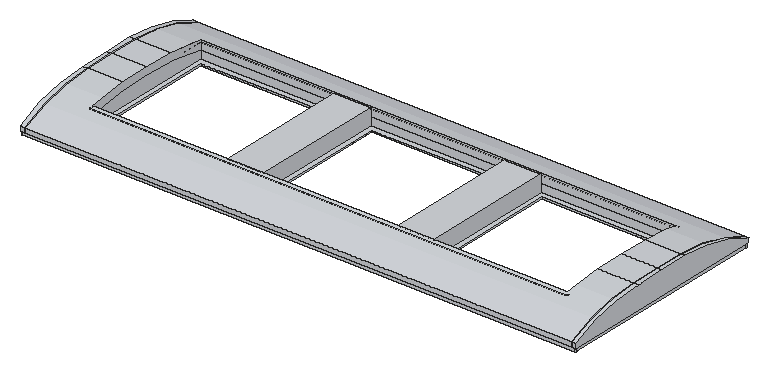
Revit family "Gira_0213778", category Electrical Fixtures, host Face, Revit 2017
Family settings
  Host = Face
  Maintain Annotation Orientation = No
  Round Connector Dimension = Use Diameter
  Part Type = Normal
  Cut with Voids When Loaded = No
  Shared = No
  Room Calculation Point = No
Parameters (values of type "Abdeckrahmen 3f Zwischenr. AN Gira Event Klar Sand")
  Werkstoffgüte = "Thermoplast"
  Werkstoff = "Kunststoff"
  URL = "http://katalog.gira.de/de_DE/datenblatt.html?artikelnr=0213778"
  Transparent = "No"
  Textfeld/Beschriftungsfläche = "No"
  Schutzart (IP) = "IP20"
  Region = "DE"
  Oberfläche = "sonstige"
  Name = "Abdeckrahmen 3f Zwischenr. AN Gira Event Klar Sand"
  Montagerichtung = "horizontal und vertikal"
  Mit Montagerahmen = "No"
  Mit Klappdeckel = "No"
  Manufacturer URL = "https://www.gira.de/"
  Keynote = "Event_Rahmen_3fach"
  HeinzeBIM = "https://bimportal.heinze.de/bim/abdeckrahmen-3f-zwischenr-an-gira-event-klar-sand/d3de0167205d52bb6ff7e7672f93d404f199d0d8"
  Halogenfrei = "Yes"
  HAN = "0213778"
  Geeignet für Unterputz-Installation = "Yes"
  Geeignet für Unterflurkanaldose = "No"
  Geeignet für Geräteeinbaukanal = "No"
  Geeignet für Einbauinstallation = "No"
  GTIN = "4010337069935"
  Farbe = "sonstige"
  Default Elevation = 1219.2 mm
  Data sheet (1) = "https://katalog.gira.de/de_DE/download.html?artikelnr=0213778"
  Category = "Abdeckrahmen"
  Befestigungsart = "Klemmbefestigung"
  Available = "Yes"
  Ausführung der Oberfläche = "glänzend"
  Anzahl der Einheiten vertikal = "3 "
  Anzahl der Einheiten horizontal = "3 "
  Anzahl der Einheiten = "3 "
Reference planes
  plane 1 "Center (Front/Back)": y = 0
  plane 2: z = 0
  plane 3 "Center (Left/Right)": x = 0
Forms (mm)
  Extrusion 1, solid, detail levels fine
    sketch origin (0, 0, 0.05) x (0, 1, 0) y (0, 0, 1)
      loop
        arc (12.445, 9.683) -> (6.223, 9.833) -> (0, 9.85) r 291.636
        arc (0, 9.85) -> (-6.223, 9.833) -> (-12.445, 9.683) r 291.636
        arc (-12.445, 9.683) -> (-29.14, 7.482) -> (-45, 1.823) r 79.728
        line (-45, 1.823) -> (-45, -0.05) -> (-42.086, -0.05)
        arc (-42.086, -0.05) -> (-21.385, 5.559) -> (0, 7.206) r 114.424
        arc (0, 7.206) -> (21.385, 5.559) -> (42.086, -0.05) r 114.424
        line (42.086, -0.05) -> (45, -0.05) -> (45, 1.823)
        arc (45, 1.823) -> (29.14, 7.482) -> (12.445, 9.683) r 79.728
    from -114.3 to 114.3
  Extrusion 2, void, detail levels fine
    sketch origin (0, 0, 0) x (1, 0, 0) y (0, 1, 0)
      loop
        line (-99.355, -28.053) -> (99.355, -28.053) -> (99.355, 28.053) -> (-99.355, 28.053) -> (-99.355, -28.053)
    from 0.724 to 11
  Extrusion 3, solid, detail levels coarse
    sketch origin (0, 0, 0) x (1, 0, 0) y (0, 1, 0)
      loop
        line (-116.3, 45) -> (-116.3, -45) -> (116.3, -45) -> (116.3, 45) -> (-116.3, 45)
    from -1.5 to 9.9
  Extrusion 4, solid, detail levels medium
    sketch origin (0, 0, 0.05) x (0, 1, 0) y (0, 0, 1)
      loop
        arc (12.445, 9.683) -> (6.223, 9.833) -> (0, 9.85) r 291.636
        arc (0, 9.85) -> (-6.223, 9.833) -> (-12.445, 9.683) r 291.636
        arc (-12.445, 9.683) -> (-29.14, 7.482) -> (-45, 1.823) r 79.728
        line (-45, 1.823) -> (-45, -0.05) -> (45, -0.05) -> (45, 1.823)
        arc (45, 1.823) -> (29.14, 7.482) -> (12.445, 9.683) r 79.728
    from -116.3 to 116.3
  Extrusion 5, solid, detail levels fine
    sketch origin (-71.3, 0, -1.5) x (0, 1, 0) y (0, 0, -1)
      loop
        line (45, -3.373) -> (45, -1.5) -> (-45, -1.5) -> (-45, -3.373)
        arc (-45, -3.373) -> (-29.14, -9.032) -> (-12.445, -11.233) r 79.728
        arc (-12.445, -11.233) -> (-6.223, -11.383) -> (0, -11.4) r 291.636
        arc (0, -11.4) -> (6.223, -11.383) -> (12.445, -11.233) r 291.636
        arc (12.445, -11.233) -> (29.14, -9.032) -> (45, -3.373) r 79.728
    from 43 to 45
  Extrusion 6, solid, detail levels fine
    sketch origin (0, 0, 0) x (1, 0, 0) y (0, 1, 0)
      loop
        line (-97.195, 25.7) -> (-97.195, -25.7) -> (-45.395, -25.7) -> (-45.395, 25.7) -> (-97.195, 25.7)
      loop
        line (25.9, -25.7) -> (25.9, 25.7) -> (-25.9, 25.7) -> (-25.9, -25.7) -> (25.9, -25.7)
      loop
        line (-100.19, 28.49) -> (-100.19, -28.495)
        spline (-100.19, -28.495) -> (-100.181, -28.625) -> (-100.156, -28.754) -> (-100.113, -28.878) -> (-100.056, -28.995) -> (-99.983, -29.104) -> (-99.897, -29.202) -> (-99.798, -29.288) -> (-99.69, -29.361) -> (-99.572, -29.419) -> (-99.448, -29.461) -> (-99.32, -29.486) -> (-99.19, -29.495)
        line (-99.19, -29.495) -> (99.195, -29.495)
        spline (99.195, -29.495) -> (99.325, -29.486) -> (99.454, -29.461) -> (99.578, -29.419) -> (99.695, -29.361) -> (99.804, -29.288) -> (99.902, -29.202) -> (99.988, -29.104) -> (100.061, -28.995) -> (100.119, -28.878) -> (100.161, -28.754) -> (100.186, -28.625) -> (100.195, -28.495)
        line (100.195, -28.495) -> (100.195, 28.49)
        spline (100.195, 28.49) -> (100.186, 28.62) -> (100.161, 28.748) -> (100.119, 28.872) -> (100.061, 28.99) -> (99.988, 29.098) -> (99.902, 29.197) -> (99.804, 29.283) -> (99.695, 29.356) -> (99.578, 29.413) -> (99.454, 29.456) -> (99.325, 29.481) -> (99.195, 29.49)
        line (99.195, 29.49) -> (-99.19, 29.49)
        spline (-99.19, 29.49) -> (-99.32, 29.481) -> (-99.448, 29.456) -> (-99.572, 29.413) -> (-99.69, 29.356) -> (-99.798, 29.283) -> (-99.897, 29.197) -> (-99.983, 29.098) -> (-100.056, 28.99) -> (-100.113, 28.872) -> (-100.156, 28.748) -> (-100.181, 28.62) -> (-100.19, 28.49)
      loop
        line (97.2, -25.7) -> (97.2, 25.7) -> (45.4, 25.7) -> (45.4, -25.7) -> (97.2, -25.7)
    from 0.1 to 7.3
  Extrusion 7, solid
    sketch origin (0, 0, 0) x (1, 0, 0) y (0, 1, 0)
      loop
        arc (-116, -44.2) -> (-115.854, -44.554) -> (-115.5, -44.7) r 0.5
        line (-115.5, -44.7) -> (115.5, -44.7)
        arc (115.5, -44.7) -> (115.854, -44.554) -> (116, -44.2) r 0.5
        line (116, -44.2) -> (116, 44.2)
        arc (116, 44.2) -> (115.854, 44.554) -> (115.5, 44.7) r 0.5
        line (115.5, 44.7) -> (-115.5, 44.7)
        arc (-115.5, 44.7) -> (-115.854, 44.554) -> (-116, 44.2) r 0.5
        line (-116, 44.2) -> (-116, -44.2)
      loop
        line (-114.3, 43) -> (-114.3, -43) -> (114.3, -43) -> (114.3, 43) -> (-114.3, 43)
    from -1.5 to 0.5
  Extrusion 8, solid, detail levels fine
    sketch origin (71.3, 0, -1.5) x (0, 1, 0) y (0, 0, 1)
      loop
        arc (45, 3.373) -> (29.14, 9.032) -> (12.445, 11.233) r 79.728
        arc (12.445, 11.233) -> (6.223, 11.383) -> (0, 11.4) r 291.636
        arc (0, 11.4) -> (-6.223, 11.383) -> (-12.445, 11.233) r 291.636
        arc (-12.445, 11.233) -> (-29.14, 9.032) -> (-45, 3.373) r 79.728
        line (-45, 3.373) -> (-45, 1.5) -> (45, 1.5) -> (45, 3.373)
    from 43 to 45
  Extrusion 9, solid, detail levels medium
    sketch origin (0, 0, 0) x (1, 0, 0) y (0, 1, 0)
      loop
        line (-116, -44.7) -> (116, -44.7) -> (116, 44.7) -> (-116, 44.7) -> (-116, -44.7)
    from -1.5 to 0.5
  Extrusion 10, solid, detail levels fine
    sketch origin (-34.207, 0, 0) x (1, 0, 0) y (0, 1, 0)
      loop
        line (-8.943, 28.063) -> (-8.943, -27.937) -> (6.057, -27.937) -> (6.057, 28.063) -> (-8.943, 28.063)
    from 0.724 to 7.566
  Extrusion 11, solid, detail levels fine
    sketch origin (34.207, 0, 0) x (-1, 0, 0) y (0, -1, 0)
      loop
        line (-8.943, -28.063) -> (6.057, -28.063) -> (6.057, 27.937) -> (-8.943, 27.937) -> (-8.943, -28.063)
    from 0.724 to 7.566
Cuts and joins
  Extrusion 2 cuts Extrusion 1
  Extrusion 2 cuts Extrusion 6
Dimensions and locks
  aligned and locked: plane 2 to host face
  aligned and locked: level to host face
